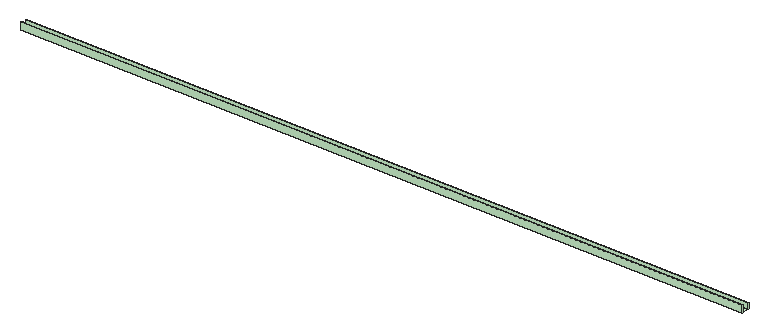
Revit family "SQ-ランナー40", category 機械設備, Revit 2020
Family settings
  丸型コネクタ寸法 = 直径を使用
  種別 = なし
  パーツ タイプ = 標準
  作業面ベース = いいえ
  常に垂直 = はい
  ロード時にボイドで切り取り = いいえ
  共有 = いいえ
  部屋計算ポイント = いいえ
Parameters
  製造元 = "株式会社桐井製作所"
  既定の高さ = 0 mm
  URL = "https://www.kirii.co.jp/"
  K_長さ(mm) [instance] = 4000 mm
  K_材質 = "SGCC　一般用"
  K_外形寸法(mm) = "42×40×30"
  K_品名 = "SQ-ランナー40"
  K_名称 = "角型スタッド用ランナー"
  K_バージョン情報 = "20210524"
  K_めっき付着量 = "Z08"
  K_JIS規格 = "JIS G 3302"
Reference planes
  plane 1 "中心(正面/背面)": y = 0
  plane 2: z = 0
  plane 3 "中心(左/右)": x = 0
  plane 4: x = 4000
  plane 5: y = 21
  plane 6: y = -21
Forms (mm)
  Extrusion 1, solid
    sketch origin (0, 0, 0) x (0, 1, 0) y (0, 0, 1)
      loop
        line (-21, 0) -> (21, 0) -> (21, 30) -> (20.2, 30) -> (20.2, 0.8) -> (-20.2, 0.8) -> (-20.2, 40) -> (-21, 40) -> (-21, 0)
    from 0 to 4000
Dimensions and locks
  "K_長さ(mm)": plane 3 "中心(左/右)" to plane 4
  aligned and locked: level to plane 2
  aligned and locked: plane 4 to Extrusion 1
  aligned and locked: Extrusion 1 to plane 4
Automatic sketch dimensions
  Extrusion 1 sketch curve to level = 0 mm
  Extrusion 1 sketch curve to plane 6 = 0 mm
  Extrusion 1 sketch curve to Extrusion 1 sketch curve = 0.8 mm  (x2)
  level to Extrusion 1 sketch curve = 0.8 mm
  Extrusion 1 sketch curve to Extrusion 1 sketch curve = 39.2 mm
  Extrusion 1 sketch curve to Extrusion 1 sketch curve = 29.2 mm
  Extrusion 1 sketch curve to plane 5 = 0 mm
